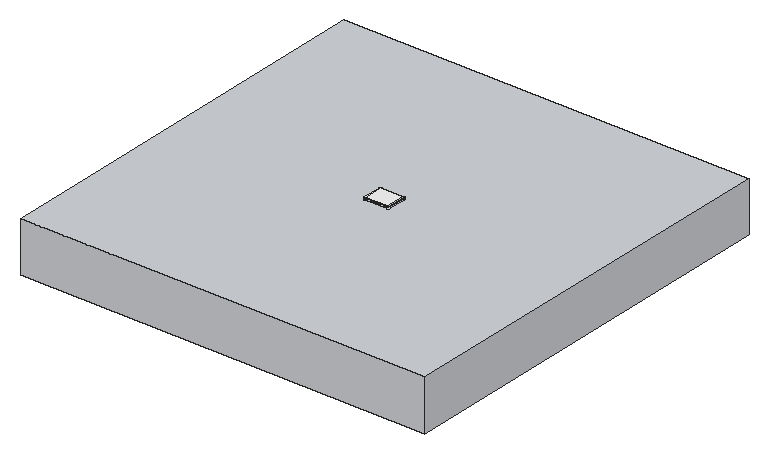
Revit family "Legrand_Lighting_Management_KNX_Touch_Control_Wall", category Dispositifs d'éclairage, Revit 2020
Family settings
  Hôte = Face
  Conserver l'orientation des annotations = Non
  Cote de connecteur circulaire = Utiliser le diamètre
  Type d'élément = Normal
  Couper avec des vides une fois chargée = Non
  Partagée = Non
  Point de calcul de pièce = Non
Parameters (values of type "KNX Touch screen 5.7")
  Voltage type = ""
  URL = "http://www.legrandoc.com/048884"
  Temperature (MIN) (°C) = -5
  Temperature (MAX) (°C) = 45
  Suitable for wireless transmission = no
  Substation input = no
  Response value sensitivity adjustable = no
  Response value luminosity adjustable = no
  Response value luminosity (MIN) (lx) = 0
  Response value luminosity (MAX) (lx) = 0
  Remote operation = no
  RAL-number (akin) = 0
  Nominal voltage (V) = 0
  Mounting method = ""
  Modèle = "048884"
  Model = ""
  Min. switch-on time (s) = 0
  Maximum mounting height (m) = 0
  Max. transmission range sideways (m) = 0
  Max. transmission range frontally (m) = 0
  Max. switching power (W) = 0
  Max. starting current (A) = 0
  Max. duty cycle (mn) = 0
  Liaison neutre = no
  HVAC-control = no
  General Conditions of Use = "https://export.legrand.com/en/terms-of-use-BIM-objects"
  Frequency (MIN) (Hz) = 0
  Frequency (MAX) (Hz) = 0
  Forced switch off = no
  Fabricant = "Legrand"
  Elévation par défaut = 2500 mm
  Dim function with dimmer basic element = no
  Diameter detection range on floor (m) = 0
  Detection angle horizontal (MIN) (°) = 0
  Detection angle horizontal (MAX) (°) = 0
  Description = "KNX touch screen"
  Degree of protection (IP) = ""
  Cosses d'artère secondaire = no
  Constant light control = no
  Colour = none
  Collecteur de terre = no
  Alarm function = no
Reference planes
  plane 1 "Centre (avant/arrière)": y = 0
  plane 2: z = 0
  plane 3 "Centre (gauche/droite)": x = 0
Forms (mm)
  Extrusion 1, solid
    sketch origin (0, 0, 0) x (1, 0, 0) y (0, 1, 0)
      loop
        line (-1219.2, 1219.2) -> (-1219.2, -1219.2) -> (1219.2, -1219.2) -> (1219.2, 1219.2) -> (-1219.2, 1219.2)
    from 0 to -304.8
Dimensions and locks
  aligned and locked: plane 2 to Extrusion 1
  aligned and locked: level to Extrusion 1
Nested families
  nested 1: "Modelisation 78" at (0, 0, -46), type "Modelisation 78"
    with zone de detection yes
Connectors
  electrical at (0, 0, 0)
    settings: on nested 1, index 1, voltage 230 V, apparent load 0 VA, apparent load phase1 0 VA, apparent load phase2 0 VA, apparent load phase3 0 VA, power factor 1, load classification "Eclairage", number of poles 1, system type 30, power factor state 1, is connector primary yes, connector utility no, sub classification motor no, connector description ""
Definition of nested family "Modelisation 78"
  Parameters (values of type "Modelisation 78")
    zone de detection [instance] = yes
    Matériau - Couleur = none
    built-in parameter 1140140 [instance] = 1 (stored number, unit not read)
    Default Elevation = 1219.2 mm
    built-in parameter 1140142 [instance] = -1
    built-in parameter 1155100 [instance] = -1
  Reference planes
    plane 1 "Centre (avant/arrière)": y = 0
    plane 2: z = 0
    plane 3 "Centre (gauche/droite)": x = 0
    plane 4: z = 50
    plane 5: x = -78.5
    plane 6: x = 78.5
    plane 7: y = -57
    plane 8: y = 57
    plane 9: x = -72
    plane 10: x = 72
    plane 11: z = 54
    plane 12: y = 65.25
    plane 13: y = -65.25
    plane 14: y = -53
    plane 15: y = 53
    plane 16: z = 46
    plane 17: x = -68
    plane 18: x = 68
  Forms (mm)
    Extrusion 1, solid, material <- "Matériau - Couleur"
      sketch origin (0, 0, 0) x (1, 0, 0) y (0, 1, 0)
        loop
          line (-72, -53) -> (72, -53) -> (72, 53) -> (-72, 53) -> (-72, -53)
      from 0 to 46
    Extrusion 2, solid, material <- "Matériau - Couleur"
      sketch origin (0, 0, 0) x (1, 0, 0) y (0, 1, 0)
        loop
          line (-68, 57) -> (-68, -57) -> (68, -57) -> (68, 57) -> (-68, 57)
      from 50 to 54
    Extrusion 3, solid, material <- "Matériau - Couleur"
      sketch origin (0, 0, 0) x (1, 0, 0) y (0, 1, 0)
        loop
          arc (-66.5, 65.25) -> (-74.985, 61.735) -> (-78.5, 53.25) r 12
          line (-78.5, 53.25) -> (-78.5, -53.25)
          arc (-78.5, -53.25) -> (-74.985, -61.735) -> (-66.5, -65.25) r 12
          line (-66.5, -65.25) -> (-47.25, -65.25)
          arc (-47.25, -65.25) -> (-39.25, -57.25) -> (-31.25, -65.25) r 8
          line (-31.25, -65.25) -> (31.25, -65.25)
          arc (31.25, -65.25) -> (39.25, -57.25) -> (47.25, -65.25) r 8
          line (47.25, -65.25) -> (66.5, -65.25)
          arc (66.5, -65.25) -> (74.985, -61.735) -> (78.5, -53.25) r 12
          line (78.5, -53.25) -> (78.5, 53.25)
          arc (78.5, 53.25) -> (74.985, 61.735) -> (66.5, 65.25) r 12
          line (66.5, 65.25) -> (47.25, 65.25)
          arc (47.25, 65.25) -> (39.25, 57.25) -> (31.25, 65.25) r 8
          line (31.25, 65.25) -> (-31.25, 65.25)
          arc (-31.25, 65.25) -> (-39.25, 57.25) -> (-47.25, 65.25) r 8
          line (-47.25, 65.25) -> (-66.5, 65.25)
      from 46 to 50
    Extrusion 4, void
      sketch origin (0, -66, 0) x (0, 1, 0) y (0, 0, 1)
        loop
          line (53, 0) -> (53, 15) -> (13, 15) -> (13, 0) -> (53, 0)
      from -72 to -31.25
  Cuts and joins
    Extrusion 4 cuts Extrusion 1
  Dimensions and locks
    Extrusion 1 to plane 11 = 54 mm
    plane 4 to plane 2 = 50 mm
    plane 7 to plane 8 = 114 mm  (x2)
    plane 13 to plane 12 = 130.5 mm  (x2)
    plane 14 to plane 15 = 106 mm  (x2)
    plane 9 to plane 10 = 144 mm
    plane 5 to plane 6 = 157 mm
    aligned and locked: level to plane 2
